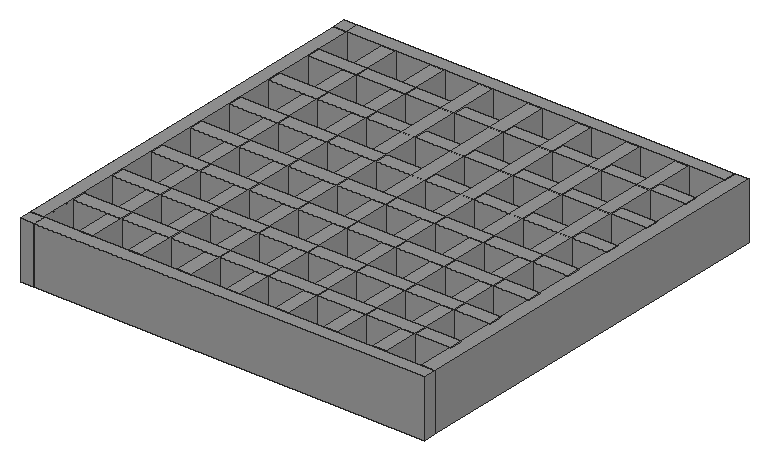
Revit family "6114-3", category Generic Models, host Ceiling, Revit 2023
Family settings
  Host = Ceiling
  Can host rebar = No
  Round Connector Dimension = Use Diameter
  Part Type = Normal
  Always vertical = Yes
  Cut with Voids When Loaded = No
  Maintain Annotation Orientation = No
  Shared = No
  Room Calculation Point = No
Parameters (values of type "6112-3")
  MEMBER THICKNESS [instance] = 0' - 0 3/4"  # constant formula
  Default Elevation = 0' - 0"
  Cube Depth [instance] = 0' - 3 1/4"  # constant formula
  CELL COUNT [instance] = 8  # constant formula
  .. Member Material [instance] = 9WOOD WALNUT
Types (3): name
  (no name)
  6112-3
  6113-3
Reference planes (in)
  plane 1 "Center (Front/Back)": y = 0
  plane 2 "Ceiling": z = 96
  plane 3 "Center (Left/Right)": x = 0
Dimensions and locks (in)
  equal spacing: host sketch curve, plane 3 "Center (Left/Right)", host sketch curve
  equal spacing: host sketch curve, plane 1 "Center (Front/Back)", host sketch curve
  host sketch curve to host sketch curve = 10' - 0"  (x2)
  aligned and locked: host ceiling to nested 1
Nested families (in)
  nested 1: "6100 Start" at (-406.11614, -294.13883, 72.37482), Actual Depth <- "Cube Depth", Member Material <- ".. Member Material", MEMBER COUNT <- "CELL COUNT", MEMBER THICKNESS <- "MEMBER THICKNESS", type "6100 Start"
    with W1 CALC 1' - 10 1/4", T1 1' - 9 1/2", Member Material 9WOOD WALNUT, MEMBER THICKNESS 0' - 0 3/4", MEMBER COUNT 8, D2 TYP 0' - 2 25/32", Actual Depth 0' - 3 1/4", .. Half Member Width 0' - 0 3/8"
Definition of nested family "6100 Start"
  Parameters (values of type "6100 Start")
    W1 CALC [instance] = 1' 9 1/2" + MEMBER THICKNESS  # 1' - 10 1/8"
    T1 [instance] = 1' - 9 1/2"  # constant formula
    Member Material [instance] = none
    .. Half Member Width [instance] = MEMBER THICKNESS / 2  # 0' - 0 5/16"
    Actual Depth [instance] = 0' - 2 1/4"
    MEMBER THICKNESS [instance] = 0' - 0 5/8"
    Default Elevation = 0' - 2 25/32"
    D2 TYP [instance] = (T1 + MEMBER THICKNESS) / MEMBER COUNT  # 0' - 5 17/32"
    MEMBER COUNT [instance] = 4
  Reference planes (in)
    plane 1 "Center (Front/Back)": y = 286.63756
    plane 2: z = 0
    plane 3 "Center (Left/Right)": x = 398.71958
    plane 4: y = 308.88756
    plane 5: x = 420.96958
    plane 6: x = 399.46958
    plane 7: y = 287.38756
    plane 8: x = 420.96958
    plane 9: x = 420.96958
    plane 10: z = 23.62518
    plane 11: x = 399.46958
    plane 12: y = 309.20006
    plane 13: y = 303.66881
    plane 14: x = 399.15708
    plane 15: x = 404.68833
  Dimensions and locks (in)
    "T1": plane 4 to plane 7
    "T1": plane 6 to plane 5
    ".. Half Member Width": plane 14 to plane 6
    ".. Half Member Width": plane 12 to plane 4
    "D2 TYP": plane 12 to plane 13
    "D2 TYP": plane 14 to plane 15
    equal spacing: group 1, group 3, group 4, group 7  (x2)
    equal spacing: group 7, group 4, group 3, group 1
    equal spacing: group 2, group 5, group 6, group 8
    equal spacing: group 8, group 6, group 5, group 2  (x2)
    aligned and locked: plane 2 to level
    aligned and locked: plane 4 to nested 1  (x2)
    aligned and locked: plane 5 to nested 2
    aligned and locked: plane 7 to nested 3
    aligned and locked: nested 3 to plane 6
    aligned and locked: nested 4 to plane 8
    aligned and locked: nested 4 to plane 7
    aligned and locked: nested 5 to plane 4
    aligned and locked: nested 5 to plane 9
    aligned and locked: plane 6 to nested 6
    aligned and locked: plane 4 to nested 6
    aligned and locked: plane 10 to nested 2
    aligned and locked: nested 5 to plane 10
    aligned and locked: nested 3 to plane 10
    aligned and locked: nested 6 to plane 10
    aligned and locked: nested 4 to plane 10
    aligned and locked: plane 11 to nested 6
    aligned and locked: plane 14 to nested 1
    aligned and locked: plane 15 to nested 7
    aligned and locked: nested 2 to plane 12
    aligned and locked: nested 9 to plane 13
    aligned and locked: plane 10 to nested 12
    aligned and locked: plane 10 to nested 11
    aligned and locked: plane 10 to nested 8
  Nested families (in)
    nested 1: "Only Box" at (399.15708, 298.13756, 21.37518), Width <- "MEMBER THICKNESS", Length <- "T1", Depth <- "Actual Depth", Material <- "Member Material", type "Only Box"
      with Width 0' - 0 5/8", Material none, Length 1' - 9 1/2", Depth 0' - 2 1/4"
    nested 2: "Only Box" at (410.21958, 309.20006, 21.37518), Length <- "MEMBER THICKNESS", Depth <- "Actual Depth", Material <- "Member Material", type "Only Box"
      with Width 1' - 9 1/2", Material none, Length 0' - 0 5/8", Depth 0' - 2 1/4"
    nested 3: "Only Box 2" at (438.46958, 259.37199, 23.62518) x (0, -1, 0) z (0, 0, 1), Depth <- "Actual Depth", Length <- "MEMBER THICKNESS", Material <- "Member Material", Width <- "W1 CALC", type "Only Box 2"
      with Width 1' - 10 1/8", Material none, Length 0' - 0 5/8", Depth 0' - 2 1/4"
    nested 4: "Only Box 2" at (448.98515, 326.38756, 23.62518), Depth <- "Actual Depth", Length <- "MEMBER THICKNESS", Material <- "Member Material", Width <- "W1 CALC", type "Only Box 2"
      with Width 1' - 10 1/8", Material none, Length 0' - 0 5/8", Depth 0' - 2 1/4"
    nested 5: "Only Box 2" at (381.96958, 336.90313, 23.62518) x (0, 1, 0) z (0, 0, 1), Depth <- "Actual Depth", Length <- "MEMBER THICKNESS", Material <- "Member Material", Width <- "W1 CALC", type "Only Box 2"
      with Width 1' - 10 1/8", Material none, Length 0' - 0 5/8", Depth 0' - 2 1/4"
    nested 6: "Only Box 2" at (371.45401, 269.88756, 23.62518) x (-1, 0, 0) z (0, 0, 1), Depth <- "Actual Depth", Length <- "MEMBER THICKNESS", Material <- "Member Material", Width <- "W1 CALC", type "Only Box 2"
      with Width 1' - 10 1/8", Material none, Length 0' - 0 5/8", Depth 0' - 2 1/4"
    nested 7: "Only Box" at (404.68833, 298.13756, 21.37518), Width <- "MEMBER THICKNESS", Length <- "T1", Depth <- "Actual Depth", Material <- "Member Material", type "Only Box"
      with Width 0' - 0 5/8", Material none, Length 1' - 9 1/2", Depth 0' - 2 1/4"
    nested 8: "Only Box" at (410.21958, 298.13756, 21.37518), Width <- "MEMBER THICKNESS", Length <- "T1", Depth <- "Actual Depth", Material <- "Member Material", type "Only Box"
      with Width 0' - 0 5/8", Material none, Length 1' - 9 1/2", Depth 0' - 2 1/4"
    nested 9: "Only Box" at (410.21958, 303.66881, 21.37518), Length <- "MEMBER THICKNESS", Depth <- "Actual Depth", Material <- "Member Material", type "Only Box"
      with Width 1' - 9 1/2", Material none, Length 0' - 0 5/8", Depth 0' - 2 1/4"
    nested 10: "Only Box" at (410.21958, 298.13756, 21.37518), Length <- "MEMBER THICKNESS", Depth <- "Actual Depth", Material <- "Member Material", type "Only Box"
      with Width 1' - 9 1/2", Material none, Length 0' - 0 5/8", Depth 0' - 2 1/4"
    nested 11: "Only Box" at (415.75083, 298.13756, 21.37518), Width <- "MEMBER THICKNESS", Length <- "T1", Depth <- "Actual Depth", Material <- "Member Material", type "Only Box"
      with Width 0' - 0 5/8", Material none, Length 1' - 9 1/2", Depth 0' - 2 1/4"
    nested 12: "Only Box" at (410.21958, 292.60631, 21.37518), Length <- "MEMBER THICKNESS", Depth <- "Actual Depth", Material <- "Member Material", type "Only Box"
      with Width 1' - 9 1/2", Material none, Length 0' - 0 5/8", Depth 0' - 2 1/4"
  Definition of nested family "Only Box"
    Parameters
      Width [instance] = 4' - 8.03114"
      Material [instance] = none
      Length [instance] = 6' - 6"
      Depth [instance] = 2' - 8"
      Default Elevation = 0' - 0"
    Reference planes (in)
      plane 1 "Center (Front/Back)": y = 0
      plane 2: z = 0
      plane 3 "Center (Left/Right)": x = 0
      plane 4: x = -28.01557
      plane 5: x = 28.01557
      plane 6: y = 39
      plane 7: y = -39
      plane 8: z = 32
    Forms (in)
      Extrusion 1, solid, material <- "Material"
        sketch origin (0, 0, 0) x (1, 0, 0) y (0, 1, 0)
          loop
            line (-28.01557, 39) -> (-28.01557, -39) -> (28.01557, -39) -> (28.01557, 39) -> (-28.01557, 39)
        from 0 to 32
    Dimensions and locks (in)
      equal spacing: plane 6, plane 1 "Center (Front/Back)", plane 7
      equal spacing: plane 4, plane 3 "Center (Left/Right)", plane 5
      "Width": plane 4 to plane 5
      "Length": plane 6 to plane 7
      "Depth": plane 8 to level
      aligned and locked: plane 2 to level
      aligned and locked: Extrusion 1 sketch curve to plane 6
      aligned and locked: plane 4 to Extrusion 1 sketch curve
      aligned and locked: plane 7 to Extrusion 1 sketch curve
      aligned and locked: Extrusion 1 sketch curve to plane 5
      aligned and locked: plane 8 to Extrusion 1
      aligned and locked: Extrusion 1 to level
  Definition of nested family "Only Box 2"
    Parameters (values of type "Only Box 2")
      Width [instance] = 4' - 8.03114"
      Material [instance] = none
      Length [instance] = 6' - 6"
      Depth [instance] = 2' - 8"
      Default Elevation = 0' - 0"
    Reference planes (in)
      plane 1 "Center (Front/Back)": y = 39
      plane 2: z = 0
      plane 3 "Center (Left/Right)": x = -28.01557
      plane 4: x = 49.98443
      plane 5: y = -17.03114
      plane 6: z = -32
      plane 7: x = 10.98443
      plane 8: y = 10.98443
    Forms (in)
      Extrusion 1, solid, material <- "Material"
        sketch origin (0, 0, 0) x (1, 0, 0) y (0, 1, 0)
          loop
            line (-28.01557, 39) -> (-28.01557, -17.03114) -> (49.98443, -17.03114) -> (49.98443, 39) -> (-28.01557, 39)
        from 0 to -32
    Dimensions and locks (in)
      "Length": plane 3 "Center (Left/Right)" to plane 4
      "Width": plane 5 to plane 1 "Center (Front/Back)"
      "Depth": level to plane 6
      equal spacing: plane 3 "Center (Left/Right)", plane 7, plane 4
      equal spacing: plane 1 "Center (Front/Back)", plane 8, plane 5
      aligned and locked: plane 2 to level
      aligned and locked: Extrusion 1 to level
      aligned and locked: Extrusion 1 to plane 3 "Center (Left/Right)"
      aligned and locked: Extrusion 1 to plane 1 "Center (Front/Back)"
      aligned and locked: plane 4 to Extrusion 1
      aligned and locked: Extrusion 1 to plane 5
      aligned and locked: Extrusion 1 to plane 6
    Automatic sketch dimensions
      Extrusion 1 sketch curve to plane 1 "Center (Front/Back)" = 0' - 0"
      plane 1 "Center (Front/Back)" to Extrusion 1 sketch curve = 4' - 8.03114"
      Extrusion 1 sketch curve to plane 3 "Center (Left/Right)" = 0' - 0"
      plane 3 "Center (Left/Right)" to Extrusion 1 sketch curve = 6' - 6"
